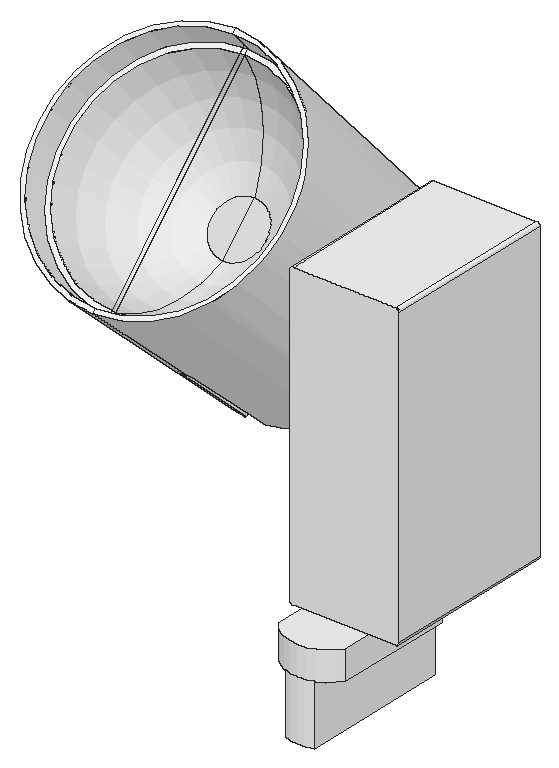
Revit family "0004928 Feilo Sylvania Lighting Fixture START TRACK SPOT L DALI 3260LM 930 WB WHT", category Lighting Fixtures, host Face, Revit 2017 (continued)
Definition of nested family "Start Track Spot Head"
  Types (96, lengths in mm): name | Wattage | built-in parameter 1150134 | Photometric Web File | Model | built-in parameter 1150105 | Lumens | built-in parameter 1150107 | built-in parameter 1150106 | HeadThickness_FEILO | HeadRibOffset_FEILO | HeadRibDepth_FEILO | HeadRibCutWidth_FEILO | HeadRibCutOffset_FEILO | HeadReflectorRadius_FEILO | HeadReflectorOffset_FEILO | HeadLEDRadius_FEILO | HeadHeight_FEILO | HeadDiffusorOffset_FEILO | HeadDiaOut_FEILO | HeadDiaIn_FEILO | HeadAxisFromTop_FEILO | Emit from Circle Diameter | built-in parameter 1150104 | Description | Apparent Load
    0004864 START TRACK SPOT S 24W 3K RA90 WB WHITE | 24 W | (empty or 0) | "0004864.ies" | "START TRACK SPOT S 24W 3K RA90 WB WHITE" | 152.79 (stored number, unit not read) | 1920 lm | 3000 (stored number, unit not read) | 1.5279 (stored number, unit not read) | 1.5 | 4.179 | 55.714 | 7.167 | 50.87 | 50.588 | 55.714 | 9.556 | 117 | 9.435 | 86 | 77.477 | 69.354 | 77.477 | 7.4322 (stored number, unit not read) | "Integrated LED spotlight, Textured White - RAL9016, compact and minimalist design, ideal for retail applications, die-cast aluminium body, passive cooling heatsink. Beam angle: 64°, color temperature: 3000K , total system power: 24W, total fixture output: 1928 lm, LOR: 100%, colour rendering: Ra: 90 typical, LED Chromaticity: 3 step MacAdam ellipse, lifetime: >50000 hours at L70B50, energy class: A++, A+, A, IR/UV free light source without heat radiation, operating voltage: 220-240V / 50-60Hz, drive current: 600mA, electronic driver, non-dimmable, power factor: 0.95, electrical protection: Class II, Global Track 3 Phase adapter suitable for Global trac 3-circuit tracks, ingress protection rating: IP20, suitable for internal environment only, horizontal rotation: 355°, vertical tilt: 90°, dimensions: Ø86x140x200, weight: 0.966kg." | 24 VA
    0004863 START TRACK SPOT S 24W 3K RA90 MB WHITE | 24 W | (empty or 0) | "0004863.ies" | "START TRACK SPOT S 24W 3K RA90 MB WHITE" | 154.7 (stored number, unit not read) | 1944 lm | 3000 (stored number, unit not read) | 1.547 (stored number, unit not read) | 1.5 | 4.179 | 55.714 | 7.167 | 50.87 | 50.588 | 55.714 | 9.556 | 117 | 9.435 | 86 | 77.477 | 69.354 | 77.477 | 7.5251 (stored number, unit not read) | "Integrated LED spotlight, Textured White - RAL9016, compact and minimalist design, ideal for retail applications, die-cast aluminium body, passive cooling heatsink. Beam angle: 36°, color temperature: 3000K , total system power: 24W, total fixture output: 1944 lm, LOR: 100%, colour rendering: Ra: 90 typical, LED Chromaticity: 3 step MacAdam ellipse, lifetime: >50000 hours at L70B50, energy class: A++, A+, A, IR/UV free light source without heat radiation, operating voltage: 220-240V / 50-60Hz, drive current: 600mA, electronic driver, non-dimmable, power factor: 0.95, electrical protection: Class II, Global Track 3 Phase adapter suitable for Global trac 3-circuit tracks, ingress protection rating: IP20, suitable for internal environment only, horizontal rotation: 355°, vertical tilt: 90°, dimensions: Ø86x140x200, weight: 0.966kg." | 24 VA
    0004862 START TRACK SPOT S 24W 3K RA90 NB WHITE | 24 W | (empty or 0) | "0004862.ies" | "START TRACK SPOT S 24W 3K RA90 NB WHITE" | 158.52 (stored number, unit not read) | 1992 lm | 3000 (stored number, unit not read) | 1.5852 (stored number, unit not read) | 1.5 | 4.179 | 55.714 | 7.167 | 50.87 | 50.588 | 55.714 | 9.556 | 117 | 9.435 | 86 | 77.477 | 69.354 | 77.477 | 7.711 (stored number, unit not read) | "Integrated LED spotlight, Textured White - RAL9016, compact and minimalist design, ideal for retail applications, die-cast aluminium body, passive cooling heatsink. Beam angle: 12°, color temperature: 3000K , total system power: 24W, total fixture output: 1987 lm, LOR: 100%, colour rendering: Ra: 90 typical, LED Chromaticity: 3 step MacAdam ellipse, lifetime: >50000 hours at L70B50, energy class: A++, A+, A, IR/UV free light source without heat radiation, operating voltage: 220-240V / 50-60Hz, drive current: 600mA, electronic driver, non-dimmable, power factor: 0.95, electrical protection: Class II, Global Track 3 Phase adapter suitable for Global trac 3-circuit tracks, ingress protection rating: IP20, suitable for internal environment only, horizontal rotation: 355°, vertical tilt: 90°, dimensions: Ø86x140x200, weight: 0.966kg." | 24 VA
    0004861 START TRACK SPOT S 14W 3K RA90 WB WHITE | 14 W | (empty or 0) | "0004861.ies" | "START TRACK SPOT S 14W 3K RA90 WB WHITE" | 100.27 (stored number, unit not read) | 1260 lm | 3000 (stored number, unit not read) | 1.0027 (stored number, unit not read) | 1.5 | 4.179 | 55.714 | 7.167 | 50.87 | 50.588 | 55.714 | 9.556 | 117 | 9.435 | 86 | 77.477 | 69.354 | 77.477 | 8.3613 (stored number, unit not read) | "Integrated LED spotlight, Textured White - RAL9016, compact and minimalist design, ideal for retail applications, die-cast aluminium body, passive cooling heatsink. Beam angle: 64°, color temperature: 3000K , total system power: 14W, total fixture output: 1262 lm, LOR: 100%, colour rendering: Ra: 90 typical, LED Chromaticity: 3 step MacAdam ellipse, lifetime: >50000 hours at L70B50, energy class: A++, A+, A, IR/UV free light source without heat radiation, operating voltage: 220-240V / 50-60Hz, drive current: 350mA, electronic driver, non-dimmable, power factor: 0.92, electrical protection: Class II, Global Track 3 Phase adapter suitable for Global trac 3-circuit tracks, ingress protection rating: IP20, suitable for internal environment only, horizontal rotation: 355°, vertical tilt: 90°, dimensions: Ø86x140x200, weight: 0.940kg." | 14 VA
    0004860 START TRACK SPOT S 14W 3K RA90 MB WHITE | 14 W | (empty or 0) | "0004860.ies" | "START TRACK SPOT S 14W 3K RA90 MB WHITE" | 100.27 (stored number, unit not read) | 1260 lm | 3000 (stored number, unit not read) | 1.0027 (stored number, unit not read) | 1.5 | 4.179 | 55.714 | 7.167 | 50.87 | 50.588 | 55.714 | 9.556 | 117 | 9.435 | 86 | 77.477 | 69.354 | 77.477 | 8.3613 (stored number, unit not read) | "Integrated LED spotlight, Textured White - RAL9016, compact and minimalist design, ideal for retail applications, die-cast aluminium body, passive cooling heatsink. Beam angle: 36°, color temperature: 3000K , total system power: 14W, total fixture output: 1262 lm, LOR: 100%, colour rendering: Ra: 90 typical, LED Chromaticity: 3 step MacAdam ellipse, lifetime: >50000 hours at L70B50, energy class: A++, A+, A, IR/UV free light source without heat radiation, operating voltage: 220-240V / 50-60Hz, drive current: 350mA, electronic driver, non-dimmable, power factor: 0.92, electrical protection: Class II, Global Track 3 Phase adapter suitable for Global trac 3-circuit tracks, ingress protection rating: IP20, suitable for internal environment only, horizontal rotation: 355°, vertical tilt: 90°, dimensions: Ø86x140x200, weight: 0.940kg." | 14 VA
    0004859 START TRACK SPOT S 14W 3K RA90 NB WHITE | 14 W | (empty or 0) | "0004859.ies" | "START TRACK SPOT S 14W 3K RA90 NB WHITE" | 102.5 (stored number, unit not read) | 1288 lm | 3000 (stored number, unit not read) | 1.025 (stored number, unit not read) | 1.5 | 4.179 | 55.714 | 7.167 | 50.87 | 50.588 | 55.714 | 9.556 | 117 | 9.435 | 86 | 77.477 | 69.354 | 77.477 | 8.5471 (stored number, unit not read) | "Integrated LED spotlight, Textured White - RAL9016, compact and minimalist design, ideal for retail applications, die-cast aluminium body, passive cooling heatsink. Beam angle: 12°, color temperature: 3000K , total system power: 14W, total fixture output: 1284 lm, LOR: 100%, colour rendering: Ra: 90 typical, LED Chromaticity: 3 step MacAdam ellipse, lifetime: >50000 hours at L70B50, energy class: A++, A+, A, IR/UV free light source without heat radiation, operating voltage: 220-240V / 50-60Hz, drive current: 350mA, electronic driver, non-dimmable, power factor: 0.92, electrical protection: Class II, Global Track 3 Phase adapter suitable for Global trac 3-circuit tracks, ingress protection rating: IP20, suitable for internal environment only, horizontal rotation: 355°, vertical tilt: 90°, dimensions: Ø86x140x200, weight: 0.940kg." | 14 VA
    0004858 START TRACK SPOT L 55W 4K RA80 WB BLACK | 55 W | 12 | "0004858.ies" | "START TRACK SPOT L 55W 4K RA80 WB BLACK" | 424.55 (stored number, unit not read) | 5335 lm | 4000 (stored number, unit not read) | 4.2455 (stored number, unit not read) | 2 | 4.429 | 59.048 | 9.417 | 53.913 | 66.471 | 59.048 | 12.556 | 124 | 10 | 113 | 101.802 | 73.503 | 101.802 | 9.0116 (stored number, unit not read) | "Integrated LED spotlight, Textured Black - RAL9005, compact and minimalist design, ideal for retail applications, die-cast aluminium body, passive cooling heatsink. Beam angle: 52°, color temperature: 4000K , total system power: 55W, total fixture output: 5320 lm, LOR: 100%, colour rendering: Ra: 80 typical, LED Chromaticity: 3 step MacAdam ellipse, lifetime: >50000 hours at L70B50, energy class: A++, A+, A, IR/UV free light source without heat radiation, operating voltage: 220-240V / 50-60Hz, drive current: 1400mA, electronic driver, non-dimmable, power factor: 0.96, electrical protection: Class II, Global Track 3 Phase adapter suitable for Global trac 3-circuit tracks, ingress protection rating: IP20, suitable for internal environment only, horizontal rotation: 355°, vertical tilt: 90°, dimensions: Ø113x164x240, weight: 1.398kg." | 55 VA
    0004857 START TRACK SPOT L 55W 4K RA80 MB BLACK | 55 W | 12 | "0004857.ies" | "START TRACK SPOT L 55W 4K RA80 MB BLACK" | 428.92 (stored number, unit not read) | 5390 lm | 4000 (stored number, unit not read) | 4.2892 (stored number, unit not read) | 2 | 4.429 | 59.048 | 9.417 | 53.913 | 66.471 | 59.048 | 12.556 | 124 | 10 | 113 | 101.802 | 73.503 | 101.802 | 9.1045 (stored number, unit not read) | "Integrated LED spotlight, Textured Black - RAL9005, compact and minimalist design, ideal for retail applications, die-cast aluminium body, passive cooling heatsink. Beam angle: 38°, color temperature: 4000K , total system power: 55W, total fixture output: 5378 lm, LOR: 100%, colour rendering: Ra: 80 typical, LED Chromaticity: 3 step MacAdam ellipse, lifetime: >50000 hours at L70B50, energy class: A++, A+, A, IR/UV free light source without heat radiation, operating voltage: 220-240V / 50-60Hz, drive current: 1400mA, electronic driver, non-dimmable, power factor: 0.96, electrical protection: Class II, Global Track 3 Phase adapter suitable for Global trac 3-circuit tracks, ingress protection rating: IP20, suitable for internal environment only, horizontal rotation: 355°, vertical tilt: 90°, dimensions: Ø113x164x240, weight: 1.398kg." | 55 VA
    0004856 START TRACK SPOT L 55W 4K RA80 NB BLACK | 55 W | 12 | "0004856.ies" | "START TRACK SPOT L 55W 4K RA80 NB BLACK" | 433.3 (stored number, unit not read) | 5445 lm | 4000 (stored number, unit not read) | 4.333 (stored number, unit not read) | 2 | 4.429 | 59.048 | 9.417 | 53.913 | 66.471 | 59.048 | 12.556 | 124 | 10 | 113 | 101.802 | 73.503 | 101.802 | 9.1974 (stored number, unit not read) | "Integrated LED spotlight, Textured Black - RAL9005, compact and minimalist design, ideal for retail applications, die-cast aluminium body, passive cooling heatsink. Beam angle: 15°, color temperature: 4000K , total system power: 55W, total fixture output: 5426 lm, LOR: 100%, colour rendering: Ra: 80 typical, LED Chromaticity: 3 step MacAdam ellipse, lifetime: >50000 hours at L70B50, energy class: A++, A+, A, IR/UV free light source without heat radiation, operating voltage: 220-240V / 50-60Hz, drive current: 1400mA, electronic driver, non-dimmable, power factor: 0.96, electrical protection: Class II, Global Track 3 Phase adapter suitable for Global trac 3-circuit tracks, ingress protection rating: IP20, suitable for internal environment only, horizontal rotation: 355°, vertical tilt: 90°, dimensions: Ø113x164x240, weight: 1.398kg." | 55 VA
    0004855 START TRACK SPOT L 35W 4K RA80 WB BLACK | 35 W | 12 | "0004855.ies" | "START TRACK SPOT L 35W 4K RA80 WB BLACK" | 320.3 (stored number, unit not read) | 4025 lm | 4000 (stored number, unit not read) | 3.203 (stored number, unit not read) | 2 | 4.429 | 59.048 | 9.417 | 53.913 | 66.471 | 59.048 | 12.556 | 124 | 10 | 113 | 101.802 | 73.503 | 101.802 | 10.684 (stored number, unit not read) | "Integrated LED spotlight, Textured Black - RAL9005, compact and minimalist design, ideal for retail applications, die-cast aluminium body, passive cooling heatsink. Beam angle: 52°, color temperature: 4000K , total system power: 35W, total fixture output: 4010 lm, LOR: 100%, colour rendering: Ra: 80 typical, LED Chromaticity: 3 step MacAdam ellipse, lifetime: >50000 hours at L70B50, energy class: A++, A+, A, IR/UV free light source without heat radiation, operating voltage: 220-240V / 50-60Hz, drive current: 900mA, electronic driver, non-dimmable, power factor: 0.93, electrical protection: Class II, Global Track 3 Phase adapter suitable for Global trac 3-circuit tracks, ingress protection rating: IP20, suitable for internal environment only, horizontal rotation: 355°, vertical tilt: 90°, dimensions: Ø113x164x240, weight: 1.368kg." | 35 VA
    0004854 START TRACK SPOT L 35W 4K RA80 MB BLACK | 35 W | 12 | "0004854.ies" | "START TRACK SPOT L 35W 4K RA80 MB BLACK" | 320.3 (stored number, unit not read) | 4025 lm | 4000 (stored number, unit not read) | 3.203 (stored number, unit not read) | 2 | 4.429 | 59.048 | 9.417 | 53.913 | 66.471 | 59.048 | 12.556 | 124 | 10 | 113 | 101.802 | 73.503 | 101.802 | 10.684 (stored number, unit not read) | "Integrated LED spotlight, Textured Black - RAL9005, compact and minimalist design, ideal for retail applications, die-cast aluminium body, passive cooling heatsink. Beam angle: 38°, color temperature: 4000K , total system power: 35W, total fixture output: 4017 lm, LOR: 100%, colour rendering: Ra: 80 typical, LED Chromaticity: 3 step MacAdam ellipse, lifetime: >50000 hours at L70B50, energy class: A++, A+, A, IR/UV free light source without heat radiation, operating voltage: 220-240V / 50-60Hz, drive current: 900mA, electronic driver, non-dimmable, power factor: 0.93, electrical protection: Class II, Global Track 3 Phase adapter suitable for Global trac 3-circuit tracks, ingress protection rating: IP20, suitable for internal environment only, horizontal rotation: 355°, vertical tilt: 90°, dimensions: Ø113x164x240, weight: 1.368kg." | 35 VA
    0004853 START TRACK SPOT L 35W 4K RA80 NB BLACK | 35 W | 12 | "0004853.ies" | "START TRACK SPOT L 35W 4K RA80 NB BLACK" | 331.44 (stored number, unit not read) | 4165 lm | 4000 (stored number, unit not read) | 3.3144 (stored number, unit not read) | 2 | 4.429 | 59.048 | 9.417 | 53.913 | 66.471 | 59.048 | 12.556 | 124 | 10 | 113 | 101.802 | 73.503 | 101.802 | 11.055 (stored number, unit not read) | "Integrated LED spotlight, Textured Black - RAL9005, compact and minimalist design, ideal for retail applications, die-cast aluminium body, passive cooling heatsink. Beam angle: 15°, color temperature: 4000K , total system power: 35W, total fixture output: 4174 lm, LOR: 100%, colour rendering: Ra: 80 typical, LED Chromaticity: 3 step MacAdam ellipse, lifetime: >50000 hours at L70B50, energy class: A++, A+, A, IR/UV free light source without heat radiation, operating voltage: 220-240V / 50-60Hz, drive current: 900mA, electronic driver, non-dimmable, power factor: 0.93, electrical protection: Class II, Global Track 3 Phase adapter suitable for Global trac 3-circuit tracks, ingress protection rating: IP20, suitable for internal environment only, horizontal rotation: 355°, vertical tilt: 90°, dimensions: Ø113x164x240, weight: 1.368kg." | 35 VA
    0004852 START TRACK SPOT S 24W 4K RA80 WB BLACK | 24 W | 12 | "0004852.ies" | "START TRACK SPOT S 24W 4K RA80 WB BLACK" | 196.72 (stored number, unit not read) | 2472 lm | 4000 (stored number, unit not read) | 1.9672 (stored number, unit not read) | 1.5 | 4.179 | 55.714 | 7.167 | 50.87 | 50.588 | 55.714 | 9.556 | 117 | 9.435 | 86 | 77.477 | 69.354 | 77.477 | 9.569 (stored number, unit not read) | "Integrated LED spotlight, Textured Black - RAL9005, compact and minimalist design, ideal for retail applications, die-cast aluminium body, passive cooling heatsink. Beam angle: 64°, color temperature: 4000K , total system power: 24W, total fixture output: 2476 lm, LOR: 100%, colour rendering: Ra: 80 typical, LED Chromaticity: 3 step MacAdam ellipse, lifetime: >50000 hours at L70B50, energy class: A++, A+, A, IR/UV free light source without heat radiation, operating voltage: 220-240V / 50-60Hz, drive current: 600mA, electronic driver, non-dimmable, power factor: 0.95, electrical protection: Class II, Global Track 3 Phase adapter suitable for Global trac 3-circuit tracks, ingress protection rating: IP20, suitable for internal environment only, horizontal rotation: 355°, vertical tilt: 90°, dimensions: Ø86x140x200, weight: 0.966kg." | 24 VA
    0004851 START TRACK SPOT S 24W 4K RA80 MB BLACK | 24 W | 12 | "0004851.ies" | "START TRACK SPOT S 24W 4K RA80 MB BLACK" | 198.63 (stored number, unit not read) | 2496 lm | 4000 (stored number, unit not read) | 1.9863 (stored number, unit not read) | 1.5 | 4.179 | 55.714 | 7.167 | 50.87 | 50.588 | 55.714 | 9.556 | 117 | 9.435 | 86 | 77.477 | 69.354 | 77.477 | 9.6619 (stored number, unit not read) | "Integrated LED spotlight, Textured Black - RAL9005, compact and minimalist design, ideal for retail applications, die-cast aluminium body, passive cooling heatsink. Beam angle: 36°, color temperature: 4000K , total system power: 24W, total fixture output: 2487 lm, LOR: 100%, colour rendering: Ra: 80 typical, LED Chromaticity: 3 step MacAdam ellipse, lifetime: >50000 hours at L70B50, energy class: A++, A+, A, IR/UV free light source without heat radiation, operating voltage: 220-240V / 50-60Hz, drive current: 600mA, electronic driver, non-dimmable, power factor: 0.95, electrical protection: Class II, Global Track 3 Phase adapter suitable for Global trac 3-circuit tracks, ingress protection rating: IP20, suitable for internal environment only, horizontal rotation: 355°, vertical tilt: 90°, dimensions: Ø86x140x200, weight: 0.966kg." | 24 VA
    0004850 START TRACK SPOT S 24W 4K RA80 NB BLACK | 24 W | 12 | "0004850.ies" | "START TRACK SPOT S 24W 4K RA80 NB BLACK" | 200.54 (stored number, unit not read) | 2520 lm | 4000 (stored number, unit not read) | 2.0054 (stored number, unit not read) | 1.5 | 4.179 | 55.714 | 7.167 | 50.87 | 50.588 | 55.714 | 9.556 | 117 | 9.435 | 86 | 77.477 | 69.354 | 77.477 | 9.7548 (stored number, unit not read) | "Integrated LED spotlight, Textured Black - RAL9005, compact and minimalist design, ideal for retail applications, die-cast aluminium body, passive cooling heatsink. Beam angle: 12°, color temperature: 4000K , total system power: 24W, total fixture output: 2529 lm, LOR: 100%, colour rendering: Ra: 80 typical, LED Chromaticity: 3 step MacAdam ellipse, lifetime: >50000 hours at L70B50, energy class: A++, A+, A, IR/UV free light source without heat radiation, operating voltage: 220-240V / 50-60Hz, drive current: 600mA, electronic driver, non-dimmable, power factor: 0.95, electrical protection: Class II, Global Track 3 Phase adapter suitable for Global trac 3-circuit tracks, ingress protection rating: IP20, suitable for internal environment only, horizontal rotation: 355°, vertical tilt: 90°, dimensions: Ø86x140x200, weight: 0.966kg." | 24 VA
    0004849 START TRACK SPOT S 14W 4K RA80 WB BLACK | 14 W | 12 | "0004849.ies" | "START TRACK SPOT S 14W 4K RA80 WB BLACK" | 123.66 (stored number, unit not read) | 1554 lm | 4000 (stored number, unit not read) | 1.2366 (stored number, unit not read) | 1.5 | 4.179 | 55.714 | 7.167 | 50.87 | 50.588 | 55.714 | 9.556 | 117 | 9.435 | 86 | 77.477 | 69.354 | 77.477 | 10.312 (stored number, unit not read) | "Integrated LED spotlight, Textured Black - RAL9005, compact and minimalist design, ideal for retail applications, die-cast aluminium body, passive cooling heatsink. Beam angle: 64°, color temperature: 4000K , total system power: 14W, total fixture output: 1558 lm, LOR: 100%, colour rendering: Ra: 80 typical, LED Chromaticity: 3 step MacAdam ellipse, lifetime: >50000 hours at L70B50, energy class: A++, A+, A, IR/UV free light source without heat radiation, operating voltage: 220-240V / 50-60Hz, drive current: 350mA, electronic driver, non-dimmable, power factor: 0.92, electrical protection: Class II, Global Track 3 Phase adapter suitable for Global trac 3-circuit tracks, ingress protection rating: IP20, suitable for internal environment only, horizontal rotation: 355°, vertical tilt: 90°, dimensions: Ø86x140x200, weight: 0.940kg." | 14 VA
    0004848 START TRACK SPOT S 14W 4K RA80 MB BLACK | 14 W | 12 | "0004848.ies" | "START TRACK SPOT S 14W 4K RA80 MB BLACK" | 127.01 (stored number, unit not read) | 1596 lm | 4000 (stored number, unit not read) | 1.2701 (stored number, unit not read) | 1.5 | 4.179 | 55.714 | 7.167 | 50.87 | 50.588 | 55.714 | 9.556 | 117 | 9.435 | 86 | 77.477 | 69.354 | 77.477 | 10.591 (stored number, unit not read) | "Integrated LED spotlight, Textured Black - RAL9005, compact and minimalist design, ideal for retail applications, die-cast aluminium body, passive cooling heatsink. Beam angle: 36°, color temperature: 4000K , total system power: 14W, total fixture output: 1598 lm, LOR: 100%, colour rendering: Ra: 80 typical, LED Chromaticity: 3 step MacAdam ellipse, lifetime: >50000 hours at L70B50, energy class: A++, A+, A, IR/UV free light source without heat radiation, operating voltage: 220-240V / 50-60Hz, drive current: 350mA, electronic driver, non-dimmable, power factor: 0.92, electrical protection: Class II, Global Track 3 Phase adapter suitable for Global trac 3-circuit tracks, ingress protection rating: IP20, suitable for internal environment only, horizontal rotation: 355°, vertical tilt: 90°, dimensions: Ø86x140x200, weight: 0.940kg." | 14 VA
    0004847 START TRACK SPOT S 14W 4K RA80 NB BLACK | 14 W | 12 | "0004847.ies" | "START TRACK SPOT S 14W 4K RA80 NB BLACK" | 128.12 (stored number, unit not read) | 1610 lm | 4000 (stored number, unit not read) | 1.2812 (stored number, unit not read) | 1.5 | 4.179 | 55.714 | 7.167 | 50.87 | 50.588 | 55.714 | 9.556 | 117 | 9.435 | 86 | 77.477 | 69.354 | 77.477 | 10.684 (stored number, unit not read) | "Integrated LED spotlight, Textured Black - RAL9005, compact and minimalist design, ideal for retail applications, die-cast aluminium body, passive cooling heatsink. Beam angle: 12°, color temperature: 4000K , total system power: 14W, total fixture output: 1608 lm, LOR: 100%, colour rendering: Ra: 80 typical, LED Chromaticity: 3 step MacAdam ellipse, lifetime: >50000 hours at L70B50, energy class: A++, A+, A, IR/UV free light source without heat radiation, operating voltage: 220-240V / 50-60Hz, drive current: 350mA, electronic driver, non-dimmable, power factor: 0.92, electrical protection: Class II, Global Track 3 Phase adapter suitable for Global trac 3-circuit tracks, ingress protection rating: IP20, suitable for internal environment only, horizontal rotation: 355°, vertical tilt: 90°, dimensions: Ø86x140x200, weight: 0.940kg." | 14 VA
    0004846 START TRACK SPOT L 55W 3K RA80 WB BLACK | 55 W | (empty or 0) | "0004846.ies" | "START TRACK SPOT L 55W 3K RA80 WB BLACK" | 420.17 (stored number, unit not read) | 5280 lm | 3000 (stored number, unit not read) | 4.2017 (stored number, unit not read) | 2 | 4.429 | 59.048 | 9.417 | 53.913 | 66.471 | 59.048 | 12.556 | 124 | 10 | 113 | 101.802 | 73.503 | 101.802 | 8.9187 (stored number, unit not read) | "Integrated LED spotlight, Textured Black - RAL9005, compact and minimalist design, ideal for retail applications, die-cast aluminium body, passive cooling heatsink. Beam angle: 52°, color temperature: 3000K , total system power: 55W, total fixture output: 5298 lm, LOR: 100%, colour rendering: Ra: 80 typical, LED Chromaticity: 3 step MacAdam ellipse, lifetime: >50000 hours at L70B50, energy class: A++, A+, A, IR/UV free light source without heat radiation, operating voltage: 220-240V / 50-60Hz, drive current: 1400mA, electronic driver, non-dimmable, power factor: 0.96, electrical protection: Class II, Global Track 3 Phase adapter suitable for Global trac 3-circuit tracks, ingress protection rating: IP20, suitable for internal environment only, horizontal rotation: 355°, vertical tilt: 90°, dimensions: Ø113x164x240, weight: 1.398kg." | 55 VA
    0004845 START TRACK SPOT L 55W 3K RA80 MB BLACK | 55 W | (empty or 0) | "0004845.ies" | "START TRACK SPOT L 55W 3K RA80 MB BLACK" | 428.92 (stored number, unit not read) | 5390 lm | 3000 (stored number, unit not read) | 4.2892 (stored number, unit not read) | 2 | 4.429 | 59.048 | 9.417 | 53.913 | 66.471 | 59.048 | 12.556 | 124 | 10 | 113 | 101.802 | 73.503 | 101.802 | 9.1045 (stored number, unit not read) | "Integrated LED spotlight, Textured Black - RAL9005, compact and minimalist design, ideal for retail applications, die-cast aluminium body, passive cooling heatsink. Beam angle: 38°, color temperature: 3000K , total system power: 55W, total fixture output: 5381 lm, LOR: 100%, colour rendering: Ra: 80 typical, LED Chromaticity: 3 step MacAdam ellipse, lifetime: >50000 hours at L70B50, energy class: A++, A+, A, IR/UV free light source without heat radiation, operating voltage: 220-240V / 50-60Hz, drive current: 1400mA, electronic driver, non-dimmable, power factor: 0.96, electrical protection: Class II, Global Track 3 Phase adapter suitable for Global trac 3-circuit tracks, ingress protection rating: IP20, suitable for internal environment only, horizontal rotation: 355°, vertical tilt: 90°, dimensions: Ø113x164x240, weight: 1.398kg." | 55 VA
    0004844 START TRACK SPOT L 55W 3K RA80 NB BLACK | 55 W | (empty or 0) | "0004844.ies" | "START TRACK SPOT L 55W 3K RA80 NB BLACK" | 433.3 (stored number, unit not read) | 5445 lm | 3000 (stored number, unit not read) | 4.333 (stored number, unit not read) | 2 | 4.429 | 59.048 | 9.417 | 53.913 | 66.471 | 59.048 | 12.556 | 124 | 10 | 113 | 101.802 | 73.503 | 101.802 | 9.1974 (stored number, unit not read) | "Integrated LED spotlight, Textured Black - RAL9005, compact and minimalist design, ideal for retail applications, die-cast aluminium body, passive cooling heatsink. Beam angle: 15°, color temperature: 3000K , total system power: 55W, total fixture output: 5449 lm, LOR: 100%, colour rendering: Ra: 80 typical, LED Chromaticity: 3 step MacAdam ellipse, lifetime: >50000 hours at L70B50, energy class: A++, A+, A, IR/UV free light source without heat radiation, operating voltage: 220-240V / 50-60Hz, drive current: 1400mA, electronic driver, non-dimmable, power factor: 0.96, electrical protection: Class II, Global Track 3 Phase adapter suitable for Global trac 3-circuit tracks, ingress protection rating: IP20, suitable for internal environment only, horizontal rotation: 355°, vertical tilt: 90°, dimensions: Ø113x164x240, weight: 1.398kg." | 55 VA
    0004843 START TRACK SPOT L 35W 3K RA80 WB BLACK | 35 W | (empty or 0) | "0004843.ies" | "START TRACK SPOT L 35W 3K RA80 WB BLACK" | 314.73 (stored number, unit not read) | 3955 lm | 3000 (stored number, unit not read) | 3.1473 (stored number, unit not read) | 2 | 4.429 | 59.048 | 9.417 | 53.913 | 66.471 | 59.048 | 12.556 | 124 | 10 | 113 | 101.802 | 73.503 | 101.802 | 10.498 (stored number, unit not read) | "Integrated LED spotlight, Textured Black - RAL9005, compact and minimalist design, ideal for retail applications, die-cast aluminium body, passive cooling heatsink. Beam angle: 52°, color temperature: 3000K , total system power: 35W, total fixture output: 3943 lm, LOR: 100%, colour rendering: Ra: 80 typical, LED Chromaticity: 3 step MacAdam ellipse, lifetime: >50000 hours at L70B50, energy class: A++, A+, A, IR/UV free light source without heat radiation, operating voltage: 220-240V / 50-60Hz, drive current: 900mA, electronic driver, non-dimmable, power factor: 0.93, electrical protection: Class II, Global Track 3 Phase adapter suitable for Global trac 3-circuit tracks, ingress protection rating: IP20, suitable for internal environment only, horizontal rotation: 355°, vertical tilt: 90°, dimensions: Ø113x164x240, weight: 1.368kg." | 35 VA
    0004842 START TRACK SPOT L 35W 3K RA80 MB BLACK | 35 W | (empty or 0) | "0004842.ies" | "START TRACK SPOT L 35W 3K RA80 MB BLACK" | 320.3 (stored number, unit not read) | 4025 lm | 3000 (stored number, unit not read) | 3.203 (stored number, unit not read) | 2 | 4.429 | 59.048 | 9.417 | 53.913 | 66.471 | 59.048 | 12.556 | 124 | 10 | 113 | 101.802 | 73.503 | 101.802 | 10.684 (stored number, unit not read) | "Integrated LED spotlight, Textured Black - RAL9005, compact and minimalist design, ideal for retail applications, die-cast aluminium body, passive cooling heatsink. Beam angle: 38°, color temperature: 3000K , total system power: 35W, total fixture output: 4008 lm, LOR: 100%, colour rendering: Ra: 80 typical, LED Chromaticity: 3 step MacAdam ellipse, lifetime: >50000 hours at L70B50, energy class: A++, A+, A, IR/UV free light source without heat radiation, operating voltage: 220-240V / 50-60Hz, drive current: 900mA, electronic driver, non-dimmable, power factor: 0.93, electrical protection: Class II, Global Track 3 Phase adapter suitable for Global trac 3-circuit tracks, ingress protection rating: IP20, suitable for internal environment only, horizontal rotation: 355°, vertical tilt: 90°, dimensions: Ø113x164x240, weight: 1.368kg." | 35 VA
    0004841 START TRACK SPOT L 35W 3K RA80 NB BLACK | 35 W | (empty or 0) | "0004841.ies" | "START TRACK SPOT L 35W 3K RA80 NB BLACK" | 317.51 (stored number, unit not read) | 3990 lm | 3000 (stored number, unit not read) | 3.1751 (stored number, unit not read) | 2 | 4.429 | 59.048 | 9.417 | 53.913 | 66.471 | 59.048 | 12.556 | 124 | 10 | 113 | 101.802 | 73.503 | 101.802 | 10.591 (stored number, unit not read) | "Integrated LED spotlight, Textured Black - RAL9005, compact and minimalist design, ideal for retail applications, die-cast aluminium body, passive cooling heatsink. Beam angle: 15°, color temperature: 3000K , total system power: 35W, total fixture output: 4005 lm, LOR: 100%, colour rendering: Ra: 80 typical, LED Chromaticity: 3 step MacAdam ellipse, lifetime: >50000 hours at L70B50, energy class: A++, A+, A, IR/UV free light source without heat radiation, operating voltage: 220-240V / 50-60Hz, drive current: 900mA, electronic driver, non-dimmable, power factor: 0.93, electrical protection: Class II, Global Track 3 Phase adapter suitable for Global trac 3-circuit tracks, ingress protection rating: IP20, suitable for internal environment only, horizontal rotation: 355°, vertical tilt: 90°, dimensions: Ø113x164x240, weight: 1.368kg." | 35 VA
    0004840 START TRACK SPOT S 24W 3K RA80 WB BLACK | 24 W | (empty or 0) | "0004840.ies" | "START TRACK SPOT S 24W 3K RA80 WB BLACK" | 185.26 (stored number, unit not read) | 2328 lm | 3000 (stored number, unit not read) | 1.8526 (stored number, unit not read) | 1.5 | 4.179 | 55.714 | 7.167 | 50.87 | 50.588 | 55.714 | 9.556 | 117 | 9.435 | 86 | 77.477 | 69.354 | 77.477 | 9.0116 (stored number, unit not read) | "Integrated LED spotlight, Textured Black - RAL9005, compact and minimalist design, ideal for retail applications, die-cast aluminium body, passive cooling heatsink. Beam angle: 64°, color temperature: 3000K , total system power: 24W, total fixture output: 2318 lm, LOR: 100%, colour rendering: Ra: 80 typical, LED Chromaticity: 3 step MacAdam ellipse, lifetime: >50000 hours at L70B50, energy class: A++, A+, A, IR/UV free light source without heat radiation, operating voltage: 220-240V / 50-60Hz, drive current: 600mA, electronic driver, non-dimmable, power factor: 0.95, electrical protection: Class II, Global Track 3 Phase adapter suitable for Global trac 3-circuit tracks, ingress protection rating: IP20, suitable for internal environment only, horizontal rotation: 355°, vertical tilt: 90°, dimensions: Ø86x140x200, weight: 0.966kg." | 24 VA
    0004839 START TRACK SPOT S 24W 3K RA80 MB BLACK | 24 W | (empty or 0) | "0004839.ies" | "START TRACK SPOT S 24W 3K RA80 MB BLACK" | 183.35 (stored number, unit not read) | 2304 lm | 3000 (stored number, unit not read) | 1.8335 (stored number, unit not read) | 1.5 | 4.179 | 55.714 | 7.167 | 50.87 | 50.588 | 55.714 | 9.556 | 117 | 9.435 | 86 | 77.477 | 69.354 | 77.477 | 8.9187 (stored number, unit not read) | "Integrated LED spotlight, Textured Black - RAL9005, compact and minimalist design, ideal for retail applications, die-cast aluminium body, passive cooling heatsink. Beam angle: 36°, color temperature: 3000K , total system power: 24W, total fixture output: 2314 lm, LOR: 100%, colour rendering: Ra: 80 typical, LED Chromaticity: 3 step MacAdam ellipse, lifetime: >50000 hours at L70B50, energy class: A++, A+, A, IR/UV free light source without heat radiation, operating voltage: 220-240V / 50-60Hz, drive current: 600mA, electronic driver, non-dimmable, power factor: 0.95, electrical protection: Class II, Global Track 3 Phase adapter suitable for Global trac 3-circuit tracks, ingress protection rating: IP20, suitable for internal environment only, horizontal rotation: 355°, vertical tilt: 90°, dimensions: Ø86x140x200, weight: 0.966kg." | 24 VA
    0004838 START TRACK SPOT S 24W 3K RA80 NB BLACK | 24 W | (empty or 0) | "0004838.ies" | "START TRACK SPOT S 24W 3K RA80 NB BLACK" | 185.26 (stored number, unit not read) | 2328 lm | 3000 (stored number, unit not read) | 1.8526 (stored number, unit not read) | 1.5 | 4.179 | 55.714 | 7.167 | 50.87 | 50.588 | 55.714 | 9.556 | 117 | 9.435 | 86 | 77.477 | 69.354 | 77.477 | 9.0116 (stored number, unit not read) | "Integrated LED spotlight, Textured Black - RAL9005, compact and minimalist design, ideal for retail applications, die-cast aluminium body, passive cooling heatsink. Beam angle: 12°, color temperature: 3000K , total system power: 24W, total fixture output: 2334 lm, LOR: 100%, colour rendering: Ra: 80 typical, LED Chromaticity: 3 step MacAdam ellipse, lifetime: >50000 hours at L70B50, energy class: A++, A+, A, IR/UV free light source without heat radiation, operating voltage: 220-240V / 50-60Hz, drive current: 600mA, electronic driver, non-dimmable, power factor: 0.95, electrical protection: Class II, Global Track 3 Phase adapter suitable for Global trac 3-circuit tracks, ingress protection rating: IP20, suitable for internal environment only, horizontal rotation: 355°, vertical tilt: 90°, dimensions: Ø86x140x200, weight: 0.966kg." | 24 VA
    0004837 START TRACK SPOT S 14W 3K RA80 WB BLACK | 14 W | (empty or 0) | "0004837.ies" | "START TRACK SPOT S 14W 3K RA80 WB BLACK" | 119.21 (stored number, unit not read) | 1498 lm | 3000 (stored number, unit not read) | 1.1921 (stored number, unit not read) | 1.5 | 4.179 | 55.714 | 7.167 | 50.87 | 50.588 | 55.714 | 9.556 | 117 | 9.435 | 86 | 77.477 | 69.354 | 77.477 | 9.9406 (stored number, unit not read) | "Integrated LED spotlight, Textured Black - RAL9005, compact and minimalist design, ideal for retail applications, die-cast aluminium body, passive cooling heatsink. Beam angle: 64°, color temperature: 3000K , total system power: 14W, total fixture output: 1498 lm, LOR: 100%, colour rendering: Ra: 80 typical, LED Chromaticity: 3 step MacAdam ellipse, lifetime: >50000 hours at L70B50, energy class: A++, A+, A, IR/UV free light source without heat radiation, operating voltage: 220-240V / 50-60Hz, drive current: 350mA, electronic driver, non-dimmable, power factor: 0.92, electrical protection: Class II, Global Track 3 Phase adapter suitable for Global trac 3-circuit tracks, ingress protection rating: IP20, suitable for internal environment only, horizontal rotation: 355°, vertical tilt: 90°, dimensions: Ø86x140x200, weight: 0.940kg." | 14 VA
    0004836 START TRACK SPOT S 14W 3K RA80 MB BLACK | 14 W | (empty or 0) | "0004836.ies" | "START TRACK SPOT S 14W 3K RA80 MB BLACK" | 120.32 (stored number, unit not read) | 1512 lm | 3000 (stored number, unit not read) | 1.2032 (stored number, unit not read) | 1.5 | 4.179 | 55.714 | 7.167 | 50.87 | 50.588 | 55.714 | 9.556 | 117 | 9.435 | 86 | 77.477 | 69.354 | 77.477 | 10.034 (stored number, unit not read) | "Integrated LED spotlight, Textured Black - RAL9005, compact and minimalist design, ideal for retail applications, die-cast aluminium body, passive cooling heatsink. Beam angle: 36°, color temperature: 3000K , total system power: 14W, total fixture output: 1508 lm, LOR: 100%, colour rendering: Ra: 80 typical, LED Chromaticity: 3 step MacAdam ellipse, lifetime: >50000 hours at L70B50, energy class: A++, A+, A, IR/UV free light source without heat radiation, operating voltage: 220-240V / 50-60Hz, drive current: 350mA, electronic driver, non-dimmable, power factor: 0.92, electrical protection: Class II, Global Track 3 Phase adapter suitable for Global trac 3-circuit tracks, ingress protection rating: IP20, suitable for internal environment only, horizontal rotation: 355°, vertical tilt: 90°, dimensions: Ø86x140x200, weight: 0.940kg." | 14 VA
    0004835 START TRACK SPOT S 14W 3K RA80 NB BLACK | 14 W | (empty or 0) | "0004835.ies" | "START TRACK SPOT S 14W 3K RA80 NB BLACK" | 123.66 (stored number, unit not read) | 1554 lm | 3000 (stored number, unit not read) | 1.2366 (stored number, unit not read) | 1.5 | 4.179 | 55.714 | 7.167 | 50.87 | 50.588 | 55.714 | 9.556 | 117 | 9.435 | 86 | 77.477 | 69.354 | 77.477 | 10.312 (stored number, unit not read) | "Integrated LED spotlight, Textured Black - RAL9005, compact and minimalist design, ideal for retail applications, die-cast aluminium body, passive cooling heatsink. Beam angle: 12°, color temperature: 3000K , total system power: 14W, total fixture output: 1551 lm, LOR: 100%, colour rendering: Ra: 80 typical, LED Chromaticity: 3 step MacAdam ellipse, lifetime: >50000 hours at L70B50, energy class: A++, A+, A, IR/UV free light source without heat radiation, operating voltage: 220-240V / 50-60Hz, drive current: 350mA, electronic driver, non-dimmable, power factor: 0.92, electrical protection: Class II, Global Track 3 Phase adapter suitable for Global trac 3-circuit tracks, ingress protection rating: IP20, suitable for internal environment only, horizontal rotation: 355°, vertical tilt: 90°, dimensions: Ø86x140x200, weight: 0.940kg." | 14 VA
    0004834 START TRACK SPOT L 55W 4K RA80 WB WHITE | 55 W | 12 | "0004834.ies" | "START TRACK SPOT L 55W 4K RA80 WB WHITE" | 424.55 (stored number, unit not read) | 5335 lm | 4000 (stored number, unit not read) | 4.2455 (stored number, unit not read) | 2 | 4.429 | 59.048 | 9.417 | 53.913 | 66.471 | 59.048 | 12.556 | 124 | 10 | 113 | 101.802 | 73.503 | 101.802 | 9.0116 (stored number, unit not read) | "Integrated LED spotlight, Textured White - RAL9016, compact and minimalist design, ideal for retail applications, die-cast aluminium body, passive cooling heatsink. Beam angle: 52°, color temperature: 4000K , total system power: 55W, total fixture output: 5320 lm, LOR: 100%, colour rendering: Ra: 80 typical, LED Chromaticity: 3 step MacAdam ellipse, lifetime: >50000 hours at L70B50, energy class: A++, A+, A, IR/UV free light source without heat radiation, operating voltage: 220-240V / 50-60Hz, drive current: 1400mA, electronic driver, non-dimmable, power factor: 0.96, electrical protection: Class II, Global Track 3 Phase adapter suitable for Global trac 3-circuit tracks, ingress protection rating: IP20, suitable for internal environment only, horizontal rotation: 355°, vertical tilt: 90°, dimensions: Ø113x164x240, weight: 1.398kg." | 55 VA
    0004833 START TRACK SPOT L 55W 4K RA80 MB WHITE | 55 W | 12 | "0004833.ies" | "START TRACK SPOT L 55W 4K RA80 MB WHITE" | 428.92 (stored number, unit not read) | 5390 lm | 4000 (stored number, unit not read) | 4.2892 (stored number, unit not read) | 2 | 4.429 | 59.048 | 9.417 | 53.913 | 66.471 | 59.048 | 12.556 | 124 | 10 | 113 | 101.802 | 73.503 | 101.802 | 9.1045 (stored number, unit not read) | "Integrated LED spotlight, Textured White - RAL9016, compact and minimalist design, ideal for retail applications, die-cast aluminium body, passive cooling heatsink. Beam angle: 38°, color temperature: 4000K , total system power: 55W, total fixture output: 5378 lm, LOR: 100%, colour rendering: Ra: 80 typical, LED Chromaticity: 3 step MacAdam ellipse, lifetime: >50000 hours at L70B50, energy class: A++, A+, A, IR/UV free light source without heat radiation, operating voltage: 220-240V / 50-60Hz, drive current: 1400mA, electronic driver, non-dimmable, power factor: 0.96, electrical protection: Class II, Global Track 3 Phase adapter suitable for Global trac 3-circuit tracks, ingress protection rating: IP20, suitable for internal environment only, horizontal rotation: 355°, vertical tilt: 90°, dimensions: Ø113x164x240, weight: 1.398kg." | 55 VA
    0004832 START TRACK SPOT L 55W 4K RA80 NB WHITE | 55 W | 12 | "0004832.ies" | "START TRACK SPOT L 55W 4K RA80 NB WHITE" | 433.3 (stored number, unit not read) | 5445 lm | 4000 (stored number, unit not read) | 4.333 (stored number, unit not read) | 2 | 4.429 | 59.048 | 9.417 | 53.913 | 66.471 | 59.048 | 12.556 | 124 | 10 | 113 | 101.802 | 73.503 | 101.802 | 9.1974 (stored number, unit not read) | "Integrated LED spotlight, Textured White - RAL9016, compact and minimalist design, ideal for retail applications, die-cast aluminium body, passive cooling heatsink. Beam angle: 15°, color temperature: 4000K , total system power: 55W, total fixture output: 5426 lm, LOR: 100%, colour rendering: Ra: 80 typical, LED Chromaticity: 3 step MacAdam ellipse, lifetime: >50000 hours at L70B50, energy class: A++, A+, A, IR/UV free light source without heat radiation, operating voltage: 220-240V / 50-60Hz, drive current: 1400mA, electronic driver, non-dimmable, power factor: 0.96, electrical protection: Class II, Global Track 3 Phase adapter suitable for Global trac 3-circuit tracks, ingress protection rating: IP20, suitable for internal environment only, horizontal rotation: 355°, vertical tilt: 90°, dimensions: Ø113x164x240, weight: 1.398kg." | 55 VA
    0004831 START TRACK SPOT L 35W 4K RA80 WB WHITE | 35 W | 12 | "0004831.ies" | "START TRACK SPOT L 35W 4K RA80 WB WHITE" | 320.3 (stored number, unit not read) | 4025 lm | 4000 (stored number, unit not read) | 3.203 (stored number, unit not read) | 2 | 4.429 | 59.048 | 9.417 | 53.913 | 66.471 | 59.048 | 12.556 | 124 | 10 | 113 | 101.802 | 73.503 | 101.802 | 10.684 (stored number, unit not read) | "Integrated LED spotlight, Textured White - RAL9016, compact and minimalist design, ideal for retail applications, die-cast aluminium body, passive cooling heatsink. Beam angle: 52°, color temperature: 4000K , total system power: 35W, total fixture output: 4010 lm, LOR: 100%, colour rendering: Ra: 80 typical, LED Chromaticity: 3 step MacAdam ellipse, lifetime: >50000 hours at L70B50, energy class: A++, A+, A, IR/UV free light source without heat radiation, operating voltage: 220-240V / 50-60Hz, drive current: 900mA, electronic driver, non-dimmable, power factor: 0.93, electrical protection: Class II, Global Track 3 Phase adapter suitable for Global trac 3-circuit tracks, ingress protection rating: IP20, suitable for internal environment only, horizontal rotation: 355°, vertical tilt: 90°, dimensions: Ø113x164x240, weight: 1.368kg." | 35 VA
    0004830 START TRACK SPOT L 35W 4K RA80 MB WHITE | 35 W | 12 | "0004830.ies" | "START TRACK SPOT L 35W 4K RA80 MB WHITE" | 320.3 (stored number, unit not read) | 4025 lm | 4000 (stored number, unit not read) | 3.203 (stored number, unit not read) | 2 | 4.429 | 59.048 | 9.417 | 53.913 | 66.471 | 59.048 | 12.556 | 124 | 10 | 113 | 101.802 | 73.503 | 101.802 | 10.684 (stored number, unit not read) | "Integrated LED spotlight, Textured White - RAL9016, compact and minimalist design, ideal for retail applications, die-cast aluminium body, passive cooling heatsink. Beam angle: 38°, color temperature: 4000K , total system power: 35W, total fixture output: 4017 lm, LOR: 100%, colour rendering: Ra: 80 typical, LED Chromaticity: 3 step MacAdam ellipse, lifetime: >50000 hours at L70B50, energy class: A++, A+, A, IR/UV free light source without heat radiation, operating voltage: 220-240V / 50-60Hz, drive current: 900mA, electronic driver, non-dimmable, power factor: 0.93, electrical protection: Class II, Global Track 3 Phase adapter suitable for Global trac 3-circuit tracks, ingress protection rating: IP20, suitable for internal environment only, horizontal rotation: 355°, vertical tilt: 90°, dimensions: Ø113x164x240, weight: 1.368kg." | 35 VA
    0004829 START TRACK SPOT L 35W 4K RA80 NB WHITE | 35 W | 12 | "0004829.ies" | "START TRACK SPOT L 35W 4K RA80 NB WHITE" | 331.44 (stored number, unit not read) | 4165 lm | 4000 (stored number, unit not read) | 3.3144 (stored number, unit not read) | 2 | 4.429 | 59.048 | 9.417 | 53.913 | 66.471 | 59.048 | 12.556 | 124 | 10 | 113 | 101.802 | 73.503 | 101.802 | 11.055 (stored number, unit not read) | "Integrated LED spotlight, Textured White - RAL9016, compact and minimalist design, ideal for retail applications, die-cast aluminium body, passive cooling heatsink. Beam angle: 15°, color temperature: 4000K , total system power: 35W, total fixture output: 4174 lm, LOR: 100%, colour rendering: Ra: 80 typical, LED Chromaticity: 3 step MacAdam ellipse, lifetime: >50000 hours at L70B50, energy class: A++, A+, A, IR/UV free light source without heat radiation, operating voltage: 220-240V / 50-60Hz, drive current: 900mA, electronic driver, non-dimmable, power factor: 0.93, electrical protection: Class II, Global Track 3 Phase adapter suitable for Global trac 3-circuit tracks, ingress protection rating: IP20, suitable for internal environment only, horizontal rotation: 355°, vertical tilt: 90°, dimensions: Ø113x164x240, weight: 1.368kg." | 35 VA
    0004828 START TRACK SPOT S 24W 4K RA80 WB WHITE | 24 W | 12 | "0004828.ies" | "START TRACK SPOT S 24W 4K RA80 WB WHITE" | 196.72 (stored number, unit not read) | 2472 lm | 4000 (stored number, unit not read) | 1.9672 (stored number, unit not read) | 1.5 | 4.179 | 55.714 | 7.167 | 50.87 | 50.588 | 55.714 | 9.556 | 117 | 9.435 | 86 | 77.477 | 69.354 | 77.477 | 9.569 (stored number, unit not read) | "Integrated LED spotlight, Textured White - RAL9016, compact and minimalist design, ideal for retail applications, die-cast aluminium body, passive cooling heatsink. Beam angle: 64°, color temperature: 4000K , total system power: 24W, total fixture output: 2476 lm, LOR: 100%, colour rendering: Ra: 80 typical, LED Chromaticity: 3 step MacAdam ellipse, lifetime: >50000 hours at L70B50, energy class: A++, A+, A, IR/UV free light source without heat radiation, operating voltage: 220-240V / 50-60Hz, drive current: 600mA, electronic driver, non-dimmable, power factor: 0.95, electrical protection: Class II, Global Track 3 Phase adapter suitable for Global trac 3-circuit tracks, ingress protection rating: IP20, suitable for internal environment only, horizontal rotation: 355°, vertical tilt: 90°, dimensions: Ø86x140x200, weight: 0.966kg." | 24 VA
    0004827 START TRACK SPOT S 24W 4K RA80 MB WHITE | 24 W | 12 | "0004827.ies" | "START TRACK SPOT S 24W 4K RA80 MB WHITE" | 198.63 (stored number, unit not read) | 2496 lm | 4000 (stored number, unit not read) | 1.9863 (stored number, unit not read) | 1.5 | 4.179 | 55.714 | 7.167 | 50.87 | 50.588 | 55.714 | 9.556 | 117 | 9.435 | 86 | 77.477 | 69.354 | 77.477 | 9.6619 (stored number, unit not read) | "Integrated LED spotlight, Textured White - RAL9016, compact and minimalist design, ideal for retail applications, die-cast aluminium body, passive cooling heatsink. Beam angle: 36°, color temperature: 4000K , total system power: 24W, total fixture output: 2487 lm, LOR: 100%, colour rendering: Ra: 80 typical, LED Chromaticity: 3 step MacAdam ellipse, lifetime: >50000 hours at L70B50, energy class: A++, A+, A, IR/UV free light source without heat radiation, operating voltage: 220-240V / 50-60Hz, drive current: 600mA, electronic driver, non-dimmable, power factor: 0.95, electrical protection: Class II, Global Track 3 Phase adapter suitable for Global trac 3-circuit tracks, ingress protection rating: IP20, suitable for internal environment only, horizontal rotation: 355°, vertical tilt: 90°, dimensions: Ø86x140x200, weight: 0.966kg." | 24 VA
    0004826 START TRACK SPOT S 24W 4K RA80 NB WHITE | 24 W | 12 | "0004826.ies" | "START TRACK SPOT S 24W 4K RA80 NB WHITE" | 200.54 (stored number, unit not read) | 2520 lm | 4000 (stored number, unit not read) | 2.0054 (stored number, unit not read) | 1.5 | 4.179 | 55.714 | 7.167 | 50.87 | 50.588 | 55.714 | 9.556 | 117 | 9.435 | 86 | 77.477 | 69.354 | 77.477 | 9.7548 (stored number, unit not read) | "Integrated LED spotlight, Textured White - RAL9016, compact and minimalist design, ideal for retail applications, die-cast aluminium body, passive cooling heatsink. Beam angle: 12°, color temperature: 4000K , total system power: 24W, total fixture output: 2529 lm, LOR: 100%, colour rendering: Ra: 80 typical, LED Chromaticity: 3 step MacAdam ellipse, lifetime: >50000 hours at L70B50, energy class: A++, A+, A, IR/UV free light source without heat radiation, operating voltage: 220-240V / 50-60Hz, drive current: 600mA, electronic driver, non-dimmable, power factor: 0.95, electrical protection: Class II, Global Track 3 Phase adapter suitable for Global trac 3-circuit tracks, ingress protection rating: IP20, suitable for internal environment only, horizontal rotation: 355°, vertical tilt: 90°, dimensions: Ø86x140x200, weight: 0.966kg." | 24 VA
    0004825 START TRACK SPOT S 14W 4K RA80 WB WHITE | 14 W | 12 | "0004825.ies" | "START TRACK SPOT S 14W 4K RA80 WB WHITE" | 123.66 (stored number, unit not read) | 1554 lm | 4000 (stored number, unit not read) | 1.2366 (stored number, unit not read) | 1.5 | 4.179 | 55.714 | 7.167 | 50.87 | 50.588 | 55.714 | 9.556 | 117 | 9.435 | 86 | 77.477 | 69.354 | 77.477 | 10.312 (stored number, unit not read) | "Integrated LED spotlight, Textured White - RAL9016, compact and minimalist design, ideal for retail applications, die-cast aluminium body, passive cooling heatsink. Beam angle: 64°, color temperature: 4000K , total system power: 14W, total fixture output: 1558 lm, LOR: 100%, colour rendering: Ra: 80 typical, LED Chromaticity: 3 step MacAdam ellipse, lifetime: >50000 hours at L70B50, energy class: A++, A+, A, IR/UV free light source without heat radiation, operating voltage: 220-240V / 50-60Hz, drive current: 350mA, electronic driver, non-dimmable, power factor: 0.92, electrical protection: Class II, Global Track 3 Phase adapter suitable for Global trac 3-circuit tracks, ingress protection rating: IP20, suitable for internal environment only, horizontal rotation: 355°, vertical tilt: 90°, dimensions: Ø86x140x200, weight: 0.940kg." | 14 VA
    0004824 START TRACK SPOT S 14W 4K RA80 MB WHITE | 14 W | 12 | "0004824.ies" | "START TRACK SPOT S 14W 4K RA80 MB WHITE" | 127.01 (stored number, unit not read) | 1596 lm | 4000 (stored number, unit not read) | 1.2701 (stored number, unit not read) | 1.5 | 4.179 | 55.714 | 7.167 | 50.87 | 50.588 | 55.714 | 9.556 | 117 | 9.435 | 86 | 77.477 | 69.354 | 77.477 | 10.591 (stored number, unit not read) | "Integrated LED spotlight, Textured White - RAL9016, compact and minimalist design, ideal for retail applications, die-cast aluminium body, passive cooling heatsink. Beam angle: 36°, color temperature: 4000K , total system power: 14W, total fixture output: 1598 lm, LOR: 100%, colour rendering: Ra: 80 typical, LED Chromaticity: 3 step MacAdam ellipse, lifetime: >50000 hours at L70B50, energy class: A++, A+, A, IR/UV free light source without heat radiation, operating voltage: 220-240V / 50-60Hz, drive current: 350mA, electronic driver, non-dimmable, power factor: 0.92, electrical protection: Class II, Global Track 3 Phase adapter suitable for Global trac 3-circuit tracks, ingress protection rating: IP20, suitable for internal environment only, horizontal rotation: 355°, vertical tilt: 90°, dimensions: Ø86x140x200, weight: 0.940kg." | 14 VA
    0004823 START TRACK SPOT S 14W 4K RA80 NB WHITE | 14 W | 12 | "0004823.ies" | "START TRACK SPOT S 14W 4K RA80 NB WHITE" | 128.12 (stored number, unit not read) | 1610 lm | 4000 (stored number, unit not read) | 1.2812 (stored number, unit not read) | 1.5 | 4.179 | 55.714 | 7.167 | 50.87 | 50.588 | 55.714 | 9.556 | 117 | 9.435 | 86 | 77.477 | 69.354 | 77.477 | 10.684 (stored number, unit not read) | "Integrated LED spotlight, Textured White - RAL9016, compact and minimalist design, ideal for retail applications, die-cast aluminium body, passive cooling heatsink. Beam angle: 12°, color temperature: 4000K , total system power: 14W, total fixture output: 1608 lm, LOR: 100%, colour rendering: Ra: 80 typical, LED Chromaticity: 3 step MacAdam ellipse, lifetime: >50000 hours at L70B50, energy class: A++, A+, A, IR/UV free light source without heat radiation, operating voltage: 220-240V / 50-60Hz, drive current: 350mA, electronic driver, non-dimmable, power factor: 0.92, electrical protection: Class II, Global Track 3 Phase adapter suitable for Global trac 3-circuit tracks, ingress protection rating: IP20, suitable for internal environment only, horizontal rotation: 355°, vertical tilt: 90°, dimensions: Ø86x140x200, weight: 0.940kg." | 14 VA
    0004822 START TRACK SPOT L 55W 3K RA80 WB WHITE | 55 W | (empty or 0) | "0004822.ies" | "START TRACK SPOT L 55W 3K RA80 WB WHITE" | 420.17 (stored number, unit not read) | 5280 lm | 3000 (stored number, unit not read) | 4.2017 (stored number, unit not read) | 2 | 4.429 | 59.048 | 9.417 | 53.913 | 66.471 | 59.048 | 12.556 | 124 | 10 | 113 | 101.802 | 73.503 | 101.802 | 8.9187 (stored number, unit not read) | "Integrated LED spotlight, Textured White - RAL9016, compact and minimalist design, ideal for retail applications, die-cast aluminium body, passive cooling heatsink. Beam angle: 52°, color temperature: 3000K , total system power: 55W, total fixture output: 5298 lm, LOR: 100%, colour rendering: Ra: 80 typical, LED Chromaticity: 3 step MacAdam ellipse, lifetime: >50000 hours at L70B50, energy class: A++, A+, A, IR/UV free light source without heat radiation, operating voltage: 220-240V / 50-60Hz, drive current: 1400mA, electronic driver, non-dimmable, power factor: 0.96, electrical protection: Class II, Global Track 3 Phase adapter suitable for Global trac 3-circuit tracks, ingress protection rating: IP20, suitable for internal environment only, horizontal rotation: 355°, vertical tilt: 90°, dimensions: Ø113x164x240, weight: 1.398kg." | 55 VA
    0004821 START TRACK SPOT L 55W 3K RA80 MB WHITE | 55 W | (empty or 0) | "0004821.ies" | "START TRACK SPOT L 55W 3K RA80 MB WHITE" | 428.92 (stored number, unit not read) | 5390 lm | 3000 (stored number, unit not read) | 4.2892 (stored number, unit not read) | 2 | 4.429 | 59.048 | 9.417 | 53.913 | 66.471 | 59.048 | 12.556 | 124 | 10 | 113 | 101.802 | 73.503 | 101.802 | 9.1045 (stored number, unit not read) | "Integrated LED spotlight, Textured White - RAL9016, compact and minimalist design, ideal for retail applications, die-cast aluminium body, passive cooling heatsink. Beam angle: 38°, color temperature: 3000K , total system power: 55W, total fixture output: 5381 lm, LOR: 100%, colour rendering: Ra: 80 typical, LED Chromaticity: 3 step MacAdam ellipse, lifetime: >50000 hours at L70B50, energy class: A++, A+, A, IR/UV free light source without heat radiation, operating voltage: 220-240V / 50-60Hz, drive current: 1400mA, electronic driver, non-dimmable, power factor: 0.96, electrical protection: Class II, Global Track 3 Phase adapter suitable for Global trac 3-circuit tracks, ingress protection rating: IP20, suitable for internal environment only, horizontal rotation: 355°, vertical tilt: 90°, dimensions: Ø113x164x240, weight: 1.398kg." | 55 VA
    0004820 START TRACK SPOT L 55W 3K RA80 NB WHITE | 55 W | (empty or 0) | "0004820.ies" | "START TRACK SPOT L 55W 3K RA80 NB WHITE" | 433.3 (stored number, unit not read) | 5445 lm | 3000 (stored number, unit not read) | 4.333 (stored number, unit not read) | 2 | 4.429 | 59.048 | 9.417 | 53.913 | 66.471 | 59.048 | 12.556 | 124 | 10 | 113 | 101.802 | 73.503 | 101.802 | 9.1974 (stored number, unit not read) | "Integrated LED spotlight, Textured White - RAL9016, compact and minimalist design, ideal for retail applications, die-cast aluminium body, passive cooling heatsink. Beam angle: 15°, color temperature: 3000K , total system power: 55W, total fixture output: 5449 lm, LOR: 100%, colour rendering: Ra: 80 typical, LED Chromaticity: 3 step MacAdam ellipse, lifetime: >50000 hours at L70B50, energy class: A++, A+, A, IR/UV free light source without heat radiation, operating voltage: 220-240V / 50-60Hz, drive current: 1400mA, electronic driver, non-dimmable, power factor: 0.96, electrical protection: Class II, Global Track 3 Phase adapter suitable for Global trac 3-circuit tracks, ingress protection rating: IP20, suitable for internal environment only, horizontal rotation: 355°, vertical tilt: 90°, dimensions: Ø113x164x240, weight: 1.398kg." | 55 VA
    0004819 START TRACK SPOT L 35W 3K RA80 WB WHITE | 35 W | (empty or 0) | "0004819.ies" | "START TRACK SPOT L 35W 3K RA80 WB WHITE" | 314.73 (stored number, unit not read) | 3955 lm | 3000 (stored number, unit not read) | 3.1473 (stored number, unit not read) | 2 | 4.429 | 59.048 | 9.417 | 53.913 | 66.471 | 59.048 | 12.556 | 124 | 10 | 113 | 101.802 | 73.503 | 101.802 | 10.498 (stored number, unit not read) | "Integrated LED spotlight, Textured White - RAL9016, compact and minimalist design, ideal for retail applications, die-cast aluminium body, passive cooling heatsink. Beam angle: 52°, color temperature: 3000K , total system power: 35W, total fixture output: 3943 lm, LOR: 100%, colour rendering: Ra: 80 typical, LED Chromaticity: 3 step MacAdam ellipse, lifetime: >50000 hours at L70B50, energy class: A++, A+, A, IR/UV free light source without heat radiation, operating voltage: 220-240V / 50-60Hz, drive current: 900mA, electronic driver, non-dimmable, power factor: 0.93, electrical protection: Class II, Global Track 3 Phase adapter suitable for Global trac 3-circuit tracks, ingress protection rating: IP20, suitable for internal environment only, horizontal rotation: 355°, vertical tilt: 90°, dimensions: Ø113x164x240, weight: 1.368kg." | 35 VA
    0004818 START TRACK SPOT L 35W 3K RA80 MB WHITE | 35 W | (empty or 0) | "0004818.ies" | "START TRACK SPOT L 35W 3K RA80 MB WHITE" | 320.3 (stored number, unit not read) | 4025 lm | 3000 (stored number, unit not read) | 3.203 (stored number, unit not read) | 2 | 4.429 | 59.048 | 9.417 | 53.913 | 66.471 | 59.048 | 12.556 | 124 | 10 | 113 | 101.802 | 73.503 | 101.802 | 10.684 (stored number, unit not read) | "Integrated LED spotlight, Textured White - RAL9016, compact and minimalist design, ideal for retail applications, die-cast aluminium body, passive cooling heatsink. Beam angle: 38°, color temperature: 3000K , total system power: 35W, total fixture output: 4008 lm, LOR: 100%, colour rendering: Ra: 80 typical, LED Chromaticity: 3 step MacAdam ellipse, lifetime: >50000 hours at L70B50, energy class: A++, A+, A, IR/UV free light source without heat radiation, operating voltage: 220-240V / 50-60Hz, drive current: 900mA, electronic driver, non-dimmable, power factor: 0.93, electrical protection: Class II, Global Track 3 Phase adapter suitable for Global trac 3-circuit tracks, ingress protection rating: IP20, suitable for internal environment only, horizontal rotation: 355°, vertical tilt: 90°, dimensions: Ø113x164x240, weight: 1.368kg." | 35 VA
    0004817 START TRACK SPOT L 35W 3K RA80 NB WHITE | 35 W | (empty or 0) | "0004817.ies" | "START TRACK SPOT L 35W 3K RA80 NB WHITE" | 317.51 (stored number, unit not read) | 3990 lm | 3000 (stored number, unit not read) | 3.1751 (stored number, unit not read) | 2 | 4.429 | 59.048 | 9.417 | 53.913 | 66.471 | 59.048 | 12.556 | 124 | 10 | 113 | 101.802 | 73.503 | 101.802 | 10.591 (stored number, unit not read) | "Integrated LED spotlight, Textured White - RAL9016, compact and minimalist design, ideal for retail applications, die-cast aluminium body, passive cooling heatsink. Beam angle: 15°, color temperature: 3000K , total system power: 35W, total fixture output: 4005 lm, LOR: 100%, colour rendering: Ra: 80 typical, LED Chromaticity: 3 step MacAdam ellipse, lifetime: >50000 hours at L70B50, energy class: A++, A+, A, IR/UV free light source without heat radiation, operating voltage: 220-240V / 50-60Hz, drive current: 900mA, electronic driver, non-dimmable, power factor: 0.93, electrical protection: Class II, Global Track 3 Phase adapter suitable for Global trac 3-circuit tracks, ingress protection rating: IP20, suitable for internal environment only, horizontal rotation: 355°, vertical tilt: 90°, dimensions: Ø113x164x240, weight: 1.368kg." | 35 VA
    0004816 START TRACK SPOT S 24W 3K RA80 WB WHITE | 24 W | (empty or 0) | "0004816.ies" | "START TRACK SPOT S 24W 3K RA80 WB WHITE" | 185.26 (stored number, unit not read) | 2328 lm | 3000 (stored number, unit not read) | 1.8526 (stored number, unit not read) | 1.5 | 4.179 | 55.714 | 7.167 | 50.87 | 50.588 | 55.714 | 9.556 | 117 | 9.435 | 86 | 77.477 | 69.354 | 77.477 | 9.0116 (stored number, unit not read) | "Integrated LED spotlight, Textured White - RAL9016, compact and minimalist design, ideal for retail applications, die-cast aluminium body, passive cooling heatsink. Beam angle: 64°, color temperature: 3000K , total system power: 24W, total fixture output: 2318 lm, LOR: 100%, colour rendering: Ra: 80 typical, LED Chromaticity: 3 step MacAdam ellipse, lifetime: >50000 hours at L70B50, energy class: A++, A+, A, IR/UV free light source without heat radiation, operating voltage: 220-240V / 50-60Hz, drive current: 600mA, electronic driver, non-dimmable, power factor: 0.95, electrical protection: Class II, Global Track 3 Phase adapter suitable for Global trac 3-circuit tracks, ingress protection rating: IP20, suitable for internal environment only, horizontal rotation: 355°, vertical tilt: 90°, dimensions: Ø86x140x200, weight: 0.966kg." | 24 VA
    0004815 START TRACK SPOT S 24W 3K RA80 MB WHITE | 24 W | (empty or 0) | "0004815.ies" | "START TRACK SPOT S 24W 3K RA80 MB WHITE" | 183.35 (stored number, unit not read) | 2304 lm | 3000 (stored number, unit not read) | 1.8335 (stored number, unit not read) | 1.5 | 4.179 | 55.714 | 7.167 | 50.87 | 50.588 | 55.714 | 9.556 | 117 | 9.435 | 86 | 77.477 | 69.354 | 77.477 | 8.9187 (stored number, unit not read) | "Integrated LED spotlight, Textured White - RAL9016, compact and minimalist design, ideal for retail applications, die-cast aluminium body, passive cooling heatsink. Beam angle: 36°, color temperature: 3000K , total system power: 24W, total fixture output: 2314 lm, LOR: 100%, colour rendering: Ra: 80 typical, LED Chromaticity: 3 step MacAdam ellipse, lifetime: >50000 hours at L70B50, energy class: A++, A+, A, IR/UV free light source without heat radiation, operating voltage: 220-240V / 50-60Hz, drive current: 600mA, electronic driver, non-dimmable, power factor: 0.95, electrical protection: Class II, Global Track 3 Phase adapter suitable for Global trac 3-circuit tracks, ingress protection rating: IP20, suitable for internal environment only, horizontal rotation: 355°, vertical tilt: 90°, dimensions: Ø86x140x200, weight: 0.966kg." | 24 VA
    0004814 START TRACK SPOT S 24W 3K RA80 NB WHITE | 24 W | (empty or 0) | "0004814.ies" | "START TRACK SPOT S 24W 3K RA80 NB WHITE" | 185.26 (stored number, unit not read) | 2328 lm | 3000 (stored number, unit not read) | 1.8526 (stored number, unit not read) | 1.5 | 4.179 | 55.714 | 7.167 | 50.87 | 50.588 | 55.714 | 9.556 | 117 | 9.435 | 86 | 77.477 | 69.354 | 77.477 | 9.0116 (stored number, unit not read) | "Integrated LED spotlight, Textured White - RAL9016, compact and minimalist design, ideal for retail applications, die-cast aluminium body, passive cooling heatsink. Beam angle: 12°, color temperature: 3000K , total system power: 24W, total fixture output: 2334 lm, LOR: 100%, colour rendering: Ra: 80 typical, LED Chromaticity: 3 step MacAdam ellipse, lifetime: >50000 hours at L70B50, energy class: A++, A+, A, IR/UV free light source without heat radiation, operating voltage: 220-240V / 50-60Hz, drive current: 600mA, electronic driver, non-dimmable, power factor: 0.95, electrical protection: Class II, Global Track 3 Phase adapter suitable for Global trac 3-circuit tracks, ingress protection rating: IP20, suitable for internal environment only, horizontal rotation: 355°, vertical tilt: 90°, dimensions: Ø86x140x200, weight: 0.966kg." | 24 VA
    0004813 START TRACK SPOT S 14W 3K RA80 WB WHITE | 14 W | (empty or 0) | "0004813.ies" | "START TRACK SPOT S 14W 3K RA80 WB WHITE" | 119.21 (stored number, unit not read) | 1498 lm | 3000 (stored number, unit not read) | 1.1921 (stored number, unit not read) | 1.5 | 4.179 | 55.714 | 7.167 | 50.87 | 50.588 | 55.714 | 9.556 | 117 | 9.435 | 86 | 77.477 | 69.354 | 77.477 | 9.9406 (stored number, unit not read) | "Integrated LED spotlight, Textured White - RAL9016, compact and minimalist design, ideal for retail applications, die-cast aluminium body, passive cooling heatsink. Beam angle: 64°, color temperature: 3000K , total system power: 14W, total fixture output: 1498 lm, LOR: 100%, colour rendering: Ra: 80 typical, LED Chromaticity: 3 step MacAdam ellipse, lifetime: >50000 hours at L70B50, energy class: A++, A+, A, IR/UV free light source without heat radiation, operating voltage: 220-240V / 50-60Hz, drive current: 350mA, electronic driver, non-dimmable, power factor: 0.92, electrical protection: Class II, Global Track 3 Phase adapter suitable for Global trac 3-circuit tracks, ingress protection rating: IP20, suitable for internal environment only, horizontal rotation: 355°, vertical tilt: 90°, dimensions: Ø86x140x200, weight: 0.940kg." | 14 VA
